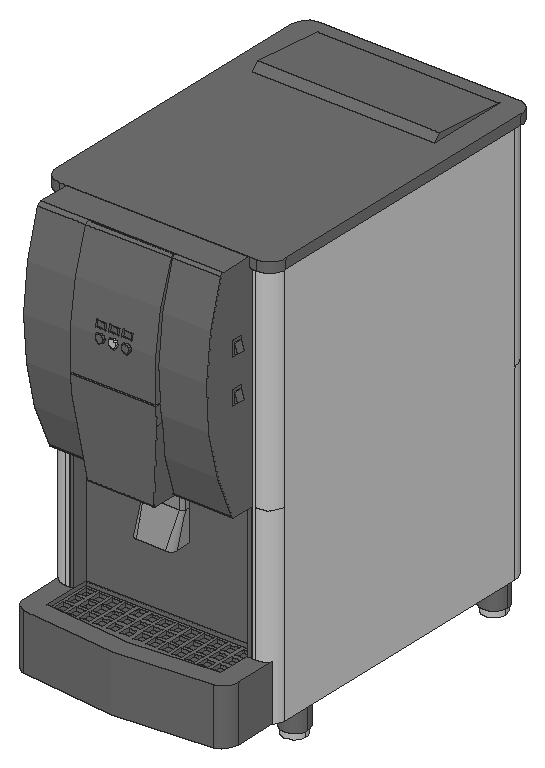
Revit family "QF_HOSHIZAKI_DCM-60KE", category Specialty Equipment, Revit 2016
Family settings
  Part Type = Normal
  Round Connector Dimension = Use Diameter
  OmniClass Number = 23.40.40.14
  OmniClass Title = Food Service Equipment
  Work Plane-Based = No
  Always vertical = Yes
  Cut with Voids When Loaded = No
  Shared = No
  Room Calculation Point = No
Parameters (values of type "DCM-60KE_230V/1Ph/50Hz")
  Weight = 47.00 kg
  Waste Remarks [instance] = ""
  Volts = 230 V
  URL Cutsheet = ""
  URL = "www.hoshizaki-europe.com"
  Status [instance] = ""
  Specification by User [instance] = ""
  Specification by Manufacturer [instance] = ""
  Serial Number = ""
  Seismic Rating = ""
  SMACNA No = ""
  Revision Code [instance] = ""
  Phase = 1
  Number of Poles = 2
  NAFEM Spec ID Number = ""
  Model = "DCM-60KE "
  Min Ckt Ampacity = 0 A
  Max Overcurrent Protection = 0 A
  Masterspec = ""
  Manufacturer = "HOSHIZAKI"
  Length Actual = 350 mm
  Item Number [instance] = ""
  Installed By [instance] = ""
  Indirect Waste Size = 25.4 mm
  Indirect Waste Connection Type [instance] = ""
  Indirect Waste Connection Height [instance] = 27 mm
  Identify Quantity as Lot [instance] = no
  Height Actual = 695 mm
  HP power = ""
  Furnished By [instance] = ""
  Foodservice Equipment Identifier [instance] = yes
  FL Amps = 20 A
  Electric power = 280 W
  Electric Connection Type [instance] = ""
  Elec Conn RI Height [instance] = 0 mm
  Elec Conn Connection Height [instance] = 45 mm
  Direct Waste RI Height [instance] = 0 mm
  Description = "DCM ICE AND WATER DISPENSER, 60KG PER 24 HOURS, CUBELET AND WATER, PUSH BUTTON"
  Depth Actual = 585 mm
  Cycle = 50 Hz
  Cost = 0
  Conn Plug = ""
  Conn Conduit = no
  Cold Water Temperature Recommended = 0 °C
  Cold Water Size = 19.05 mm
  Cold Water Flow = 0.0 L/s
  Cold Water Connection Height [instance] = 27 mm
  CSI MasterFormat = ""
  Assembly Code = "E1090320"
  Apparent Power = 280 VA
  Accessory = no
Types (2, lengths in mm): name | Volts | Cycle
  DCM-60KE_240V/1Ph/60Hz | 240 V | 60 Hz
  DCM-60KE_230V/1Ph/50Hz | 230 V | 50 Hz
Reference planes
  plane 1 "Center (Front/Back)": y = 0
  plane 2: z = 0
  plane 3 "Center (Left/Right)": x = 0
Forms (mm)
  Extrusion 1, solid, not visible
    sketch origin (24, -306, 26) x (1, 0, 0) y (0, 1, 0)
      loop
        line (0, 0) -> (2, 0) -> (2, 2) -> (0, 2) -> (0, 0)
    from 0 to 2
  Extrusion 2, solid, not visible
    sketch origin (266, -463, 26) x (1, 0, 0) y (0, 1, 0)
      loop
        line (0, 0) -> (2, 0) -> (2, 2) -> (0, 2) -> (0, 0)
    from 0 to 2
  Extrusion 3, solid, not visible
    sketch origin (319, -377, 44) x (1, 0, 0) y (0, 1, 0)
      loop
        line (0, 0) -> (2, 0) -> (2, 2) -> (0, 2) -> (0, 0)
    from 0 to 2
  Extrusion 4, solid, not visible
    sketch origin (24, -306, 26) x (1, 0, 0) y (0, 1, 0)
      loop
        line (0, 0) -> (2, 0) -> (2, 2) -> (0, 2) -> (0, 0)
    from 0 to 2
  Extrusion 5, solid, not visible
    sketch origin (266, -463, 26) x (1, 0, 0) y (0, 1, 0)
      loop
        line (0, 0) -> (2, 0) -> (2, 2) -> (0, 2) -> (0, 0)
    from 0 to 2
  Extrusion 6, solid, not visible
    sketch origin (319, -377, 44) x (1, 0, 0) y (0, 1, 0)
      loop
        line (0, 0) -> (2, 0) -> (2, 2) -> (0, 2) -> (0, 0)
    from 0 to 2
  Extrusion 7, solid, not visible
    sketch origin (24, -306, 26) x (1, 0, 0) y (0, 1, 0)
      loop
        line (0, 0) -> (2, 0) -> (2, 2) -> (0, 2) -> (0, 0)
    from 0 to 2
  Extrusion 8, solid, not visible
    sketch origin (266, -463, 26) x (1, 0, 0) y (0, 1, 0)
      loop
        line (0, 0) -> (2, 0) -> (2, 2) -> (0, 2) -> (0, 0)
    from 0 to 2
  Extrusion 9, solid, not visible
    sketch origin (319, -377, 44) x (1, 0, 0) y (0, 1, 0)
      loop
        line (0, 0) -> (2, 0) -> (2, 2) -> (0, 2) -> (0, 0)
    from 0 to 2
  Extrusion 10, solid, not visible
    sketch origin (24, -306, 26) x (1, 0, 0) y (0, 1, 0)
      loop
        line (0, 0) -> (2, 0) -> (2, 2) -> (0, 2) -> (0, 0)
    from 0 to 2
  Extrusion 11, solid, not visible
    sketch origin (266, -463, 26) x (1, 0, 0) y (0, 1, 0)
      loop
        line (0, 0) -> (2, 0) -> (2, 2) -> (0, 2) -> (0, 0)
    from 0 to 2
  Extrusion 12, solid, not visible
    sketch origin (319, -377, 44) x (1, 0, 0) y (0, 1, 0)
      loop
        line (0, 0) -> (2, 0) -> (2, 2) -> (0, 2) -> (0, 0)
    from 0 to 2
Dimensions and locks
  aligned and locked: level to plane 2
Nested families
  nested 1: "QF_HOSHIZAKI_DCM-60KE_240V_1Ph_60Hz" at (0, 0, 0), type "DCM-60KE_240V/1Ph/60Hz"
    with Show Clearance yes
Connectors
  piping at (25, -304, 27), diameter 19.05, driven by "Cold Water Size", driven by "Cold Water Flow"
    settings: on Extrusion 1, index 1, connector inside diameter 609.6 mm, connector length 0 mm, flow factor 0, pipe flow 0.0 L/s, pressure drop 0.0 Pa, fitting loss kfactor 0, connector angle 0.00°, fixture units 0, engagement length 0 mm, angle of deflection 0.00°, flow configuration 1, flow direction 1, fitting loss method 0, system type 20, joint type 0, gender type 0, connector reference index -1, connector utility 0, adjustable connector no, is connector primary yes, connector description "Cold Water connection for 'DCM-60KE'"
  piping at (267, -461, 27), diameter 25.4, driven by "Indirect Waste Size"
    settings: on Extrusion 2, index 2, connector inside diameter 609.6 mm, connector length 0 mm, flow factor 0, pipe flow 0.0 L/s, pressure drop 0.0 Pa, fitting loss kfactor 0, connector angle 0.00°, fixture units 0, engagement length 0 mm, angle of deflection 0.00°, flow configuration 1, flow direction 2, fitting loss method 0, system type 16, joint type 0, gender type 0, connector reference index -1, connector utility 0, adjustable connector no, is connector primary no, connector description "Drain connection for 'DCM-60KE'"
  electrical at (320, -375, 45), driven by "Apparent Power", driven by "Number of Poles", driven by "Volts"
    settings: on Extrusion 3, index 3, voltage 230 V, apparent load 0 VA, apparent load phase1 280 VA, apparent load phase2 0 VA, apparent load phase3 0 VA, power factor 1, load classification "Other", number of poles 2, system type 31, power factor state 1, is connector primary yes, connector utility no, sub classification motor no, connector description "Electric connection for 'DCM-60KE'"
  piping at (25, -304, 27), diameter 19.05, driven by "Cold Water Size", driven by "Cold Water Flow"
    settings: on Extrusion 4, index 4, connector inside diameter 609.6 mm, connector length 0 mm, flow factor 0, pipe flow 0.0 L/s, pressure drop 0.0 Pa, fitting loss kfactor 0, connector angle 0.00°, fixture units 0, engagement length 0 mm, angle of deflection 0.00°, flow configuration 1, flow direction 1, fitting loss method 0, system type 20, joint type 0, gender type 0, connector reference index -1, connector utility 0, adjustable connector no, is connector primary no, connector description "Cold Water connection for 'DCM-60KE'"
  piping at (267, -461, 27), diameter 25.4, driven by "Indirect Waste Size"
    settings: on Extrusion 5, index 5, connector inside diameter 609.6 mm, connector length 0 mm, flow factor 0, pipe flow 0.0 L/s, pressure drop 0.0 Pa, fitting loss kfactor 0, connector angle 0.00°, fixture units 0, engagement length 0 mm, angle of deflection 0.00°, flow configuration 1, flow direction 2, fitting loss method 0, system type 16, joint type 0, gender type 0, connector reference index -1, connector utility 0, adjustable connector no, is connector primary no, connector description "Drain connection for 'DCM-60KE'"
  electrical at (320, -375, 45), driven by "Apparent Power", driven by "Number of Poles", driven by "Volts"
    settings: on Extrusion 6, index 6, voltage 230 V, apparent load 0 VA, apparent load phase1 280 VA, apparent load phase2 0 VA, apparent load phase3 0 VA, power factor 1, load classification "Other", number of poles 2, system type 31, power factor state 1, is connector primary no, connector utility no, sub classification motor no, connector description "Electric connection for 'DCM-60KE'"
  piping at (25, -304, 27), diameter 19.05, driven by "Cold Water Size", driven by "Cold Water Flow"
    settings: on Extrusion 7, index 7, connector inside diameter 609.6 mm, connector length 0 mm, flow factor 0, pipe flow 0.0 L/s, pressure drop 0.0 Pa, fitting loss kfactor 0, connector angle 0.00°, fixture units 0, engagement length 0 mm, angle of deflection 0.00°, flow configuration 1, flow direction 1, fitting loss method 0, system type 20, joint type 0, gender type 0, connector reference index -1, connector utility 0, adjustable connector no, is connector primary no, connector description "Cold Water connection for 'DCM-60KE'"
  piping at (267, -461, 27), diameter 25.4, driven by "Indirect Waste Size"
    settings: on Extrusion 8, index 8, connector inside diameter 609.6 mm, connector length 0 mm, flow factor 0, pipe flow 0.0 L/s, pressure drop 0.0 Pa, fitting loss kfactor 0, connector angle 0.00°, fixture units 0, engagement length 0 mm, angle of deflection 0.00°, flow configuration 1, flow direction 2, fitting loss method 0, system type 16, joint type 0, gender type 0, connector reference index -1, connector utility 0, adjustable connector no, is connector primary no, connector description "Drain connection for 'DCM-60KE'"
  electrical at (320, -375, 45), driven by "Apparent Power", driven by "Number of Poles", driven by "Volts"
    settings: on Extrusion 9, index 9, voltage 230 V, apparent load 0 VA, apparent load phase1 280 VA, apparent load phase2 0 VA, apparent load phase3 0 VA, power factor 1, load classification "Other", number of poles 2, system type 31, power factor state 1, is connector primary no, connector utility no, sub classification motor no, connector description "Electric connection for 'DCM-60KE'"
  piping at (25, -304, 27), diameter 19.05, driven by "Cold Water Size", driven by "Cold Water Flow"
    settings: on Extrusion 10, index 10, connector inside diameter 609.6 mm, connector length 0 mm, flow factor 0, pipe flow 0.0 L/s, pressure drop 0.0 Pa, fitting loss kfactor 0, connector angle 0.00°, fixture units 0, engagement length 0 mm, angle of deflection 0.00°, flow configuration 1, flow direction 1, fitting loss method 0, system type 20, joint type 0, gender type 0, connector reference index -1, connector utility 0, adjustable connector no, is connector primary no, connector description "Cold Water connection for 'DCM-60KE'"
  piping at (267, -461, 27), diameter 25.4, driven by "Indirect Waste Size"
    settings: on Extrusion 11, index 11, connector inside diameter 609.6 mm, connector length 0 mm, flow factor 0, pipe flow 0.0 L/s, pressure drop 0.0 Pa, fitting loss kfactor 0, connector angle 0.00°, fixture units 0, engagement length 0 mm, angle of deflection 0.00°, flow configuration 1, flow direction 2, fitting loss method 0, system type 16, joint type 0, gender type 0, connector reference index -1, connector utility 0, adjustable connector no, is connector primary no, connector description "Drain connection for 'DCM-60KE'"
  electrical at (320, -375, 45), driven by "Apparent Power", driven by "Number of Poles", driven by "Volts"
    settings: on Extrusion 12, index 12, voltage 230 V, apparent load 0 VA, apparent load phase1 280 VA, apparent load phase2 0 VA, apparent load phase3 0 VA, power factor 1, load classification "Other", number of poles 2, system type 31, power factor state 1, is connector primary no, connector utility no, sub classification motor no, connector description "Electric connection for 'DCM-60KE'"
Definition of nested family "QF_HOSHIZAKI_DCM-60KE_240V_1Ph_60Hz"
  Parameters (values of type "DCM-60KE_240V/1Ph/60Hz")
    URL = "www.hoshizaki-europe.com"
    Show Clearance [instance] = yes
    Model = "DCM-60KE"
    Manufacturer = "HOSHIZAKI"
    Description = "DCM ICE AND WATER DISPENSER, 60KG PER 24 HOURS, CUBELET AND WATER, PUSH BUTTON"
    Assembly Code = "E1090320"
  Types (4, lengths in mm): name | Model | Description
    (no name) | "DCM-60KE" | "DCM ICE AND WATER DISPENSER, 60KG PER 24 HOURS, CUBELET AND WATER, PUSH BUTTON"
    DCM-60KE_240V/1Ph/60Hz | "DCM-60KE" | "DCM ICE AND WATER DISPENSER, 60KG PER 24 HOURS, CUBELET AND WATER, PUSH BUTTON"
    DCM-60KE-P | "DCM-60KE-P" | "DCM ICE AND WATER DISPENSER, 60KG PER 24 HOURS, CUBELET AND WATER, PUSH BUTTON"
    DCM-60KE-HC | "DCM-60KE-HC" | "DCM ICE AND WATER DISPENSER, 60KG PER 24 HOURS, CUBELET AND WATER, LEVER"
  Reference planes
    plane 1 "Back": y = 0
    plane 2: z = 0
    plane 3 "Left": x = 0
    plane 4 "Right": x = 350
    plane 5 "Front": y = -585
    plane 6 "Top": z = 695
  Forms (mm)
    Extrusion 1, solid
      sketch origin (0, 0, 0) x (1, 0, 0) y (0, 1, 0)
        loop
          arc (25, 0) -> (7.322, -7.322) -> (0, -25) r 25
          line (0, -25) -> (0, -472.5)
          arc (0, -472.5) -> (7.322, -490.178) -> (25, -497.5) r 25
          line (25, -497.5) -> (325, -497.5)
          arc (325, -497.5) -> (342.678, -490.178) -> (350, -472.5) r 25
          line (350, -472.5) -> (350, -25)
          arc (350, -25) -> (342.678, -7.322) -> (325, 0) r 25
          line (325, 0) -> (25, 0)
      from 670 to 685
    Extrusion 2, solid
      sketch origin (0, 0, 342) x (1, 0, 0) y (0, 1, 0)
        loop
          arc (25, -5) -> (10.858, -10.858) -> (5, -25) r 20
          line (5, -25) -> (5, -468)
          arc (5, -468) -> (12.322, -485.678) -> (30, -493) r 25
          line (30, -493) -> (320, -493)
          arc (320, -493) -> (337.678, -485.678) -> (345, -468) r 25
          line (345, -468) -> (345, -30)
          arc (345, -30) -> (337.678, -12.322) -> (320, -5) r 25
          line (320, -5) -> (25, -5)
      from 0 to 328
    Extrusion 3, solid
      sketch origin (0, 0, 50) x (1, 0, 0) y (0, 1, 0)
        loop
          arc (25, -5) -> (10.858, -10.858) -> (5, -25) r 20
          line (5, -25) -> (5, -468)
          arc (5, -468) -> (12.322, -485.678) -> (30, -493) r 25
          line (30, -493) -> (36, -493) -> (36, -464) -> (314, -464) -> (314, -493) -> (320, -493)
          arc (320, -493) -> (337.678, -485.678) -> (345, -468) r 25
          line (345, -468) -> (345, -30)
          arc (345, -30) -> (337.678, -12.322) -> (320, -5) r 25
          line (320, -5) -> (25, -5)
      from 0 to 292
    Extrusion 4, solid
      sketch origin (0, -66, 50) x (1, 0, 0) y (0, 1, 0)
        loop
          line (12, -419.349) -> (12, -482.41)
          arc (12, -482.41) -> (17.026, -497.445) -> (30.084, -506.435) r 25
          arc (30.084, -506.435) -> (175, -519.412) -> (319.916, -506.435) r 815.614
          arc (319.916, -506.435) -> (332.974, -497.445) -> (338, -482.41) r 25
          line (338, -482.41) -> (338, -419.349)
          arc (338, -419.349) -> (329.779, -425.008) -> (320, -427) r 25
          line (320, -427) -> (314, -427) -> (314, -398) -> (36, -398) -> (36, -427) -> (30, -427)
          arc (30, -427) -> (20.221, -425.008) -> (12, -419.349) r 25
        loop
          line (308, -403) -> (42, -403) -> (42, -478.072)
          arc (42, -478.072) -> (175, -489.412) -> (308, -478.072) r 785.614
          line (308, -478.072) -> (308, -403)
      from 0 to 85
    Extrusion 5, solid
      sketch origin (0, -66, 0) x (1, 0, 0) y (0, 1, 0)
        loop
          line (36, -398) -> (36, -427) -> (42, -427) -> (42, -403) -> (308, -403) -> (308, -427) -> (314, -427) -> (314, -398) -> (36, -398)
      from 135 to 342
    Extrusion 6, solid
      sketch origin (0, -66, 0) x (0, 1, 0) y (0, 0, 1)
        loop
          line (-432, 685) -> (-481.019, 685)
          arc (-481.019, 685) -> (-484.281, 684.203) -> (-486.807, 681.99) r 7.071
          arc (-486.807, 681.99) -> (-512.245, 511.161) -> (-465.09, 345.01) r 410.068
          arc (-465.09, 345.01) -> (-462.564, 342.797) -> (-459.302, 342) r 7.071
          line (-459.302, 342) -> (-427, 342) -> (-427, 670) -> (-432, 670) -> (-432, 685)
      from 36 to 314
    Extrusion 7, solid
      sketch origin (110, -56, 0) x (0, 1, 0) y (0, 0, 1)
        loop
          arc (-519.687, 494) -> (-518.711, 589.399) -> (-495.717, 681.99) r 410.068
          arc (-495.717, 681.99) -> (-493.191, 684.203) -> (-489.929, 685) r 7.071
          line (-489.929, 685) -> (-491.929, 685)
          arc (-491.929, 685) -> (-495.191, 684.203) -> (-497.717, 681.99) r 7.071
          arc (-497.717, 681.99) -> (-523.03, 589.664) -> (-526.687, 494) r 418.253
          line (-526.687, 494) -> (-519.687, 494)
        loop
          line (-506.898, 342) -> (-468.212, 342)
          arc (-468.212, 342) -> (-471.474, 342.797) -> (-474, 345.01) r 7.071
          arc (-474, 345.01) -> (-503.615, 416.113) -> (-519.412, 491.5) r 410.068
          line (-519.412, 491.5) -> (-526.672, 491.5)
          arc (-526.672, 491.5) -> (-521.965, 418.037) -> (-512.687, 345.01) r 1179.959
          arc (-512.687, 345.01) -> (-510.16, 342.797) -> (-506.898, 342) r 7.071
      from 0 to 130
    Extrusion 8, void
      sketch origin (0, -66, 0) x (1, 0, 0) y (0, 0, 1)
        loop
          line (225, 342) -> (240, 342) -> (240, 464.165) -> (225, 342)
        loop
          line (125, 342) -> (110, 464.165) -> (110, 342) -> (125, 342)
      from 527.039 to 427
    Extrusion 9, solid
      sketch origin (0, -66, 0) x (1, 0, 0) y (0, 1, 0)
        loop
          arc (42, -478.072) -> (175, -489.412) -> (308, -478.072) r 785.614
          line (308, -478.072) -> (308, -403) -> (42, -403) -> (42, -478.072)
      from 50 to 65.191
    Extrusion 10, solid
      sketch origin (0, -66, 125) x (1, 0, 0) y (0, 1, 0)
        loop
          line (44, -405) -> (44, -478.385)
          arc (44, -478.385) -> (175, -489.412) -> (306, -478.385) r 783.614
          line (306, -478.385) -> (306, -405) -> (44, -405)
        loop
          line (62.5, -410) -> (47.5, -410) -> (47.5, -427) -> (62.5, -427) -> (62.5, -410)
        loop
          line (67.5, -410) -> (67.5, -427) -> (82.5, -427) -> (82.5, -410) -> (67.5, -410)
        loop
          line (87.5, -410) -> (87.5, -427) -> (102.5, -427) -> (102.5, -410) -> (87.5, -410)
        loop
          line (107.5, -410) -> (107.5, -427) -> (122.5, -427) -> (122.5, -410) -> (107.5, -410)
        loop
          line (127.5, -410) -> (127.5, -427) -> (142.5, -427) -> (142.5, -410) -> (127.5, -410)
        loop
          line (147.5, -410) -> (147.5, -427) -> (162.5, -427) -> (162.5, -410) -> (147.5, -410)
        loop
          line (167.5, -410) -> (167.5, -427) -> (182.5, -427) -> (182.5, -410) -> (167.5, -410)
        loop
          line (187.5, -410) -> (187.5, -427) -> (202.5, -427) -> (202.5, -410) -> (187.5, -410)
        loop
          line (207.5, -410) -> (207.5, -427) -> (222.5, -427) -> (222.5, -410) -> (207.5, -410)
        loop
          line (227.5, -410) -> (227.5, -427) -> (242.5, -427) -> (242.5, -410) -> (227.5, -410)
        loop
          line (247.5, -410) -> (247.5, -427) -> (262.5, -427) -> (262.5, -410) -> (247.5, -410)
        loop
          line (267.5, -410) -> (267.5, -427) -> (282.5, -427) -> (282.5, -410) -> (267.5, -410)
        loop
          line (287.5, -410) -> (287.5, -427) -> (302.5, -427) -> (302.5, -410) -> (287.5, -410)
        loop
          line (62.5, -432) -> (47.5, -432) -> (47.5, -449) -> (62.5, -449) -> (62.5, -432)
        loop
          line (67.5, -432) -> (67.5, -449) -> (82.5, -449) -> (82.5, -432) -> (67.5, -432)
        loop
          line (87.5, -432) -> (87.5, -449) -> (102.5, -449) -> (102.5, -432) -> (87.5, -432)
        loop
          line (107.5, -432) -> (107.5, -449) -> (122.5, -449) -> (122.5, -432) -> (107.5, -432)
        loop
          line (127.5, -432) -> (127.5, -449) -> (142.5, -449) -> (142.5, -432) -> (127.5, -432)
        loop
          line (147.5, -432) -> (147.5, -449) -> (162.5, -449) -> (162.5, -432) -> (147.5, -432)
        loop
          line (167.5, -432) -> (167.5, -449) -> (182.5, -449) -> (182.5, -432) -> (167.5, -432)
        loop
          line (187.5, -432) -> (187.5, -449) -> (202.5, -449) -> (202.5, -432) -> (187.5, -432)
        loop
          line (207.5, -432) -> (207.5, -449) -> (222.5, -449) -> (222.5, -432) -> (207.5, -432)
        loop
          line (227.5, -432) -> (227.5, -449) -> (242.5, -449) -> (242.5, -432) -> (227.5, -432)
        loop
          line (247.5, -432) -> (247.5, -449) -> (262.5, -449) -> (262.5, -432) -> (247.5, -432)
        loop
          line (267.5, -432) -> (267.5, -449) -> (282.5, -449) -> (282.5, -432) -> (267.5, -432)
        loop
          line (287.5, -432) -> (287.5, -449) -> (302.5, -449) -> (302.5, -432) -> (287.5, -432)
        loop
          line (62.5, -454) -> (47.5, -454) -> (47.5, -471) -> (62.5, -471) -> (62.5, -454)
        loop
          line (67.5, -454) -> (67.5, -471) -> (82.5, -471) -> (82.5, -454) -> (67.5, -454)
        loop
          line (87.5, -454) -> (87.5, -471) -> (102.5, -471) -> (102.5, -454) -> (87.5, -454)
        loop
          line (107.5, -454) -> (107.5, -471) -> (122.5, -471) -> (122.5, -454) -> (107.5, -454)
        loop
          line (127.5, -454) -> (127.5, -471) -> (142.5, -471) -> (142.5, -454) -> (127.5, -454)
        loop
          line (147.5, -454) -> (147.5, -471) -> (162.5, -471) -> (162.5, -454) -> (147.5, -454)
        loop
          line (167.5, -454) -> (167.5, -471) -> (182.5, -471) -> (182.5, -454) -> (167.5, -454)
        loop
          line (187.5, -454) -> (187.5, -471) -> (202.5, -471) -> (202.5, -454) -> (187.5, -454)
        loop
          line (207.5, -454) -> (207.5, -471) -> (222.5, -471) -> (222.5, -454) -> (207.5, -454)
        loop
          line (227.5, -454) -> (227.5, -471) -> (242.5, -471) -> (242.5, -454) -> (227.5, -454)
        loop
          line (247.5, -454) -> (247.5, -471) -> (262.5, -471) -> (262.5, -454) -> (247.5, -454)
        loop
          line (267.5, -454) -> (267.5, -471) -> (282.5, -471) -> (282.5, -454) -> (267.5, -454)
        loop
          line (287.5, -454) -> (287.5, -471) -> (302.5, -471) -> (302.5, -454) -> (287.5, -454)
      from 0 to 5
    Blend 11, solid
      base sketch origin (0, -166, 0) x (1, 0, 0) y (0, 1, 0)
        loop
          line (140.482, -311.165) -> (140.482, -332.165)
          arc (140.482, -332.165) -> (143.411, -339.236) -> (150.482, -342.165) r 10
          line (150.482, -342.165) -> (195.482, -342.165)
          arc (195.482, -342.165) -> (202.553, -339.236) -> (205.482, -332.165) r 10
          line (205.482, -332.165) -> (205.482, -311.165) -> (140.482, -311.165)
      top sketch origin (0, -166, 0) x (1, 0, 0) y (0, 1, 0)
        loop
          line (140.482, -311.165) -> (140.482, -316.665)
          arc (140.482, -316.665) -> (142.093, -320.554) -> (145.982, -322.165) r 5.5
          line (145.982, -322.165) -> (199.982, -322.165)
          arc (199.982, -322.165) -> (203.871, -320.554) -> (205.482, -316.665) r 5.5
          line (205.482, -316.665) -> (205.482, -311.165) -> (140.482, -311.165)
      from 246.816 to 295.491
    Extrusion 12, void
      sketch origin (10.847, -578.687, -25.244) x (1, 0, 0) y (0, 0, 1)
        loop
          line (136.653, 603.244) -> (136.653, 593.244) -> (151.653, 593.244) -> (151.653, 603.244) -> (136.653, 603.244)
        loop
          line (156.653, 603.244) -> (156.653, 593.244) -> (171.653, 593.244) -> (171.653, 603.244) -> (156.653, 603.244)
        loop
          line (176.653, 603.244) -> (176.653, 593.244) -> (191.653, 593.244) -> (191.653, 603.244) -> (176.653, 603.244)
        loop
          circle (144.348, 580.744) r 7.5
        loop
          circle (164.348, 580.744) r 7.5
        loop
          circle (184.348, 580.744) r 7.5
      from 0 to 40
    Extrusion 13, solid
      sketch origin (0, -56, 568.172) x (1, 0, 0) y (0, 1, 0)
        loop
          line (148.752, -523.552) -> (161.455, -525.792) -> (161.455, -520.871) -> (148.752, -520.871) -> (148.752, -523.552)
      from 0.911 to 8.576
    Extrusion 14, solid
      sketch origin (20, -56, 568.172) x (1, 0, 0) y (0, 1, 0)
        loop
          line (148.752, -523.552) -> (161.455, -525.792) -> (161.455, -520.871) -> (148.752, -520.871) -> (148.752, -523.552)
      from 0.911 to 8.576
    Extrusion 15, solid
      sketch origin (40, -56, 568.172) x (1, 0, 0) y (0, 1, 0)
        loop
          line (148.752, -523.552) -> (161.455, -525.792) -> (161.455, -520.871) -> (148.752, -520.871) -> (148.752, -523.552)
      from 0.911 to 8.576
    Extrusion 16, solid
      sketch origin (0, -577.851, 0) x (1, 0, 0) y (0, 0, 1)
        loop
          circle (155.195, 555.5) r 5.5
      from 0 to 7.129
    Extrusion 17, solid
      sketch origin (40, -577.851, 0) x (1, 0, 0) y (0, 0, 1)
        loop
          circle (155.195, 555.5) r 5.5
      from 0 to 7.129
    Extrusion 18, solid
      sketch origin (20, -577.851, 0) x (1, 0, 0) y (0, 0, 1)
        loop
          circle (155.195, 555.5) r 5.5
      from 0 to 7.129
    Extrusion 19, solid
      sketch origin (-132.67, 338.627, 0.282) x (1, 0, 0) y (0, 1, 0)
        loop
          circle (166.67, -372.627) r 20.5
      from 9.718 to 49.718
    Extrusion 20, solid
      sketch origin (-132.67, 338.627, 0) x (1, 0, 0) y (0, 1, 0)
        loop
          circle (166.67, -372.627) r 17.5
      from 0 to 10
    Extrusion 21, solid
      sketch origin (482.67, 338.627, 0.282) x (-1, 0, 0) y (0, -1, 0)
        loop
          circle (166.67, 372.627) r 20.5
      from 9.718 to 49.718
    Extrusion 22, solid
      sketch origin (482.67, 338.627, 0) x (-1, 0, 0) y (0, -1, 0)
        loop
          circle (166.67, 372.627) r 17.5
      from 0 to 10
    Extrusion 23, solid
      sketch origin (-132.67, -41.373, 0.282) x (1, 0, 0) y (0, 1, 0)
        loop
          circle (166.67, -372.627) r 20.5
      from 9.718 to 49.718
    Extrusion 24, solid
      sketch origin (-132.67, -41.373, 0) x (1, 0, 0) y (0, 1, 0)
        loop
          circle (166.67, -372.627) r 17.5
      from 0 to 10
    Extrusion 25, solid
      sketch origin (482.67, -41.373, 0.282) x (-1, 0, 0) y (0, -1, 0)
        loop
          circle (166.67, 372.627) r 20.5
      from 9.718 to 49.718
    Extrusion 26, solid
      sketch origin (482.67, -41.373, 0) x (-1, 0, 0) y (0, -1, 0)
        loop
          circle (166.67, 372.627) r 17.5
      from 0 to 10
    Extrusion 27, solid
      sketch origin (0, -66, 0) x (1, 0, 0) y (0, 1, 0)
        loop
          line (140.482, -411.165) -> (140.482, -416.665)
          arc (140.482, -416.665) -> (142.093, -420.554) -> (145.982, -422.165) r 5.5
          line (145.982, -422.165) -> (199.982, -422.165)
          arc (199.982, -422.165) -> (203.871, -420.554) -> (205.482, -416.665) r 5.5
          line (205.482, -416.665) -> (205.482, -411.165) -> (140.482, -411.165)
      from 295.491 to 342
    Extrusion 28, solid
      sketch origin (0, 0, 0) x (0, 1, 0) y (0, 0, 1)
        loop
          line (-20, 685) -> (-134.301, 695) -> (-144.301, 685) -> (-20, 685)
      from 314 to 36
    Extrusion 29, solid
      sketch origin (-6.587, -35.66, 27) x (1, 0, 0) y (0, 1, 0)
        loop
          circle (31.587, -268.34) r 10
        loop
          circle (31.587, -268.34) r 8
      from 0 to 23
    Extrusion 30, solid
      sketch origin (117.104, -60.281, 45) x (1, 0, 0) y (0, 1, 0)
        loop
          circle (202.896, -313.719) r 5
      from 0 to 5
    Sweep 31, solid
      path origin (267, -143.502, 0) x (0, 1, 0) y (0, 0, 1)
        loop
          line (-343, 50) -> (-343, 37.5)
          arc (-343, 37.5) -> (-338.607, 26.893) -> (-328, 22.5) r 15
          line (-328, 22.5) -> (-317.393, 22.5)
      profile origin (267, -486.502, 43.75) x (1, 0, 0) y (0, 1, 0)
        loop
          circle (0, 0) r 12.5
        loop
          circle (0, 0) r 10.5
    Extrusion 32, solid
      sketch origin (314, 15, 35) x (0, 1, 0) y (0, 0, 1)
        loop
          line (-546.84, 550.904) -> (-546.84, 529.904) -> (-531.84, 529.904) -> (-531.84, 550.904) -> (-546.84, 550.904)
      from 0 to 2
    Extrusion 33, solid
      sketch origin (314, 15, -32) x (0, 1, 0) y (0, 0, 1)
        loop
          line (-546.84, 550.904) -> (-546.84, 529.904) -> (-531.84, 529.904) -> (-531.84, 550.904) -> (-546.84, 550.904)
      from 0 to 2
    Extrusion 34, solid
      sketch origin (0, -679.835, 0) x (1, 0, 0) y (0, 0, 1)
        loop
          line (316, 583.434) -> (316, 566.716) -> (322.223, 569.617) -> (318.043, 582.481) -> (316, 583.434)
      from -150 to -160.99
    Extrusion 35, solid
      sketch origin (0, -679.835, -67) x (1, 0, 0) y (0, 0, 1)
        loop
          line (316, 583.434) -> (316, 566.716) -> (322.223, 569.617) -> (318.043, 582.481) -> (316, 583.434)
      from -150 to -160.99
  Cuts and joins
    Extrusion 8, Extrusion 12 cuts Extrusion 7
    joined: Extrusion 2, Extrusion 3
  Lines and regions (mm)
    symbolic lines
      curve 1: line (25, 0, 0) -> (325, 0, 0)
      curve 2: arc (325, 0, 0) -> (342.678, -7.322, 0) -> (350, -25, 0) r 25
      curve 3: line (350, -25, 0) -> (350, -472.5, 0)
      curve 4: arc (350, -472.5, 0) -> (342.678, -490.178, 0) -> (325, -497.5, 0) r 25
      curve 5: line (338, -493.854, 0) -> (338, -548.41, 0)
      curve 6: arc (338, -548.41, 0) -> (332.974, -563.445, 0) -> (319.916, -572.435, 0) r 25
      curve 7: arc (319.916, -572.435, 0) -> (177.958, -585.981, 0) -> (36, -572.435, 0) r 750.588
      curve 8: arc (36, -572.435, 0) -> (19.029, -565.405, 0) -> (12, -548.435, 0) r 24
      curve 9: line (12, -548.435, 0) -> (12, -493.854, 0)
      curve 10: arc (25, -497.5, 0) -> (7.322, -490.178, 0) -> (0, -472.5, 0) r 25
      curve 11: line (0, -472.5, 0) -> (0, -25, 0)
      curve 12: arc (0, -25, 0) -> (7.322, -7.322, 0) -> (25, 0, 0) r 25
      curve 13: line (36, -497.5, 0) -> (36, -572.435, 0)
      curve 14: line (314, -497.5, 0) -> (314, -573.55, 0)
      curve 15: line (325, -497.5, 0) -> (25, -497.5, 0)
      curve 16: line (36, -20, 0) -> (314, -20, 0)
      curve 17: line (314, -20, 0) -> (314, -144.301, 0)
      curve 18: line (314, -144.301, 0) -> (36, -144.301, 0)
      curve 19: line (36, -144.301, 0) -> (36, -20, 0)
  Dimensions and locks
    aligned and locked: level to plane 2
  Connectors
    piping at (25, -304, 27), diameter 19.05
      settings: on Extrusion 29, index 1, connector inside diameter 609.6 mm, connector length 0 mm, flow factor 0, pipe flow 0.0 L/s, pressure drop 0.0 Pa, fitting loss kfactor 0, connector angle 0.00°, fixture units 0, engagement length 0 mm, angle of deflection 0.00°, flow configuration 1, flow direction 1, fitting loss method 0, system type 20, joint type 0, gender type 0, connector reference index -1, connector utility 0, adjustable connector no, is connector primary yes, connector description "Cold Water Connection"
    electrical at (320, -374, 45)
      settings: on Extrusion 30, index 2, voltage 230 V, apparent load 0 VA, apparent load phase1 280 VA, apparent load phase2 0 VA, apparent load phase3 0 VA, power factor 1, load classification none, number of poles 1, system type 31, power factor state 1, is connector primary yes, connector utility no, sub classification motor no, connector description "Electrical Connection"
    piping at (267, -460.895, 22.5), diameter 25.4
      settings: on Sweep 31, index 3, connector inside diameter 609.6 mm, connector length 0 mm, flow factor 0, pipe flow 0.0 L/s, pressure drop 0.0 Pa, fitting loss kfactor 0, connector angle 0.00°, fixture units 0, engagement length 0 mm, angle of deflection 0.00°, flow configuration 1, flow direction 2, fitting loss method 0, system type 16, joint type 0, gender type 0, connector reference index -1, connector utility 0, adjustable connector no, is connector primary no, connector description "Indirect Waste Connection"
